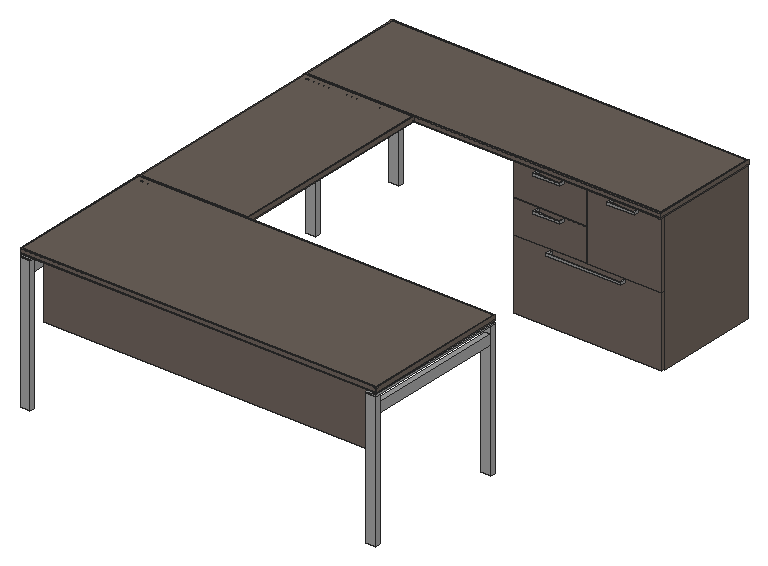
Revit family "T100328", category Furniture, Revit 2015 (continued)
Definition of nested family "STAKS MODESTY PANEL - Veneer & Wood Grain & Frosted"
  Lines and regions (in)
    Masking region 5, visible <- "BRKT L/R"
      outline origin (0, 0, 27.375) x (-1, 0, 0) y (0, -1, 0)
        loop
          line (11.37475, -1.37535) -> (14.12475, -1.37535) -> (14.12475, -0.12535)
          arc (14.12475, -0.12535) -> (14.05153, 0.05143) -> (13.87475, 0.12465) r 0.25
          line (13.87475, 0.12465) -> (11.62475, 0.12465)
          arc (11.62475, 0.12465) -> (11.44797, 0.05143) -> (11.37475, -0.12535) r 0.25
          line (11.37475, -0.12535) -> (11.37475, -1.37535)
    Masking region 6, visible <- "BRKT CNTR"
      outline origin (11, 0, 27.375) x (-1, 0, 0) y (0, -1, 0)
        loop
          line (12.156, -1.37535) -> (14.906, -1.37535) -> (14.906, -0.12535)
          arc (14.906, -0.12535) -> (14.83278, 0.05143) -> (14.656, 0.12465) r 0.25
          line (14.656, 0.12465) -> (12.406, 0.12465)
          arc (12.406, 0.12465) -> (12.22922, 0.05143) -> (12.156, -0.12535) r 0.25
          line (12.156, -0.12535) -> (12.156, -1.37535)
    Masking region 7, visible <- "BRKT L/R"
      outline origin (23.25, 0, 27.375) x (-1, 0, 0) y (0, -1, 0)
        loop
          line (14.18725, -1.37535) -> (16.93725, -1.37535) -> (16.93725, -0.12535)
          arc (16.93725, -0.12535) -> (16.86403, 0.05143) -> (16.68725, 0.12465) r 0.25
          line (16.68725, 0.12465) -> (14.43725, 0.12465)
          arc (14.43725, 0.12465) -> (14.26047, 0.05143) -> (14.18725, -0.12535) r 0.25
          line (14.18725, -0.12535) -> (14.18725, -1.37535)
  Dimensions and locks (in)
    locked: plane 3 "MOUNTING LEVEL" to plane 1 at 27.375
    equal spacing: plane 6, plane 4 "RIGHT", plane 5
    "Width": plane 6 to plane 5
    "Thickness": plane 7 to plane 2 "Back"
    locked: plane 3 "MOUNTING LEVEL" to plane 8 at 0.5
    locked: plane 8 to plane 9 at 11.75
    locked: plane 6 to plane 10 at 3.375
    locked: plane 11 to plane 5 at 3.375
    aligned and locked: level to plane 1
    aligned and locked: Extrusion 1 to plane 6
    aligned and locked: Extrusion 1 to plane 2 "Back"
    aligned and locked: plane 7 to Extrusion 1
    aligned and locked: plane 5 to Extrusion 1
    aligned and locked: Extrusion 2 to plane 6
    aligned and locked: Masking region 2 to plane 6
    aligned and locked: plane 5 to Extrusion 2
    aligned and locked: plane 5 to Masking region 2
    aligned and locked: plane 5 to Extrusion 3
    aligned and locked: plane 5 to Masking region 3
    aligned and locked: Extrusion 3 to plane 6
    aligned and locked: Masking region 3 to plane 6
    aligned and locked: Extrusion 4 to plane 6
    aligned and locked: Masking region 4 to plane 6
    aligned and locked: plane 5 to Extrusion 4
    aligned and locked: plane 5 to Masking region 4
    aligned and locked: Extrusion 2 to plane 2 "Back"
    aligned and locked: Masking region 2 to plane 2 "Back"
    aligned and locked: plane 7 to Extrusion 2
    aligned and locked: plane 7 to Masking region 2
    aligned and locked: Extrusion 3 to plane 2 "Back"
    aligned and locked: Masking region 3 to plane 2 "Back"
    aligned and locked: plane 7 to Extrusion 3
    aligned and locked: plane 7 to Masking region 3
    aligned and locked: Extrusion 4 to plane 2 "Back"
    aligned and locked: Masking region 4 to plane 2 "Back"
    aligned and locked: plane 7 to Extrusion 4
    aligned and locked: plane 7 to Masking region 4
    aligned: plane 8 to Extrusion 4
    aligned: plane 8 to Extrusion 3
    aligned: plane 8 to Extrusion 2
    aligned and locked: plane 8 to Extrusion 1
    aligned and locked: Extrusion 4 to plane 9
    aligned and locked: Extrusion 3 to plane 9
    aligned and locked: Extrusion 2 to plane 9
    aligned and locked: Extrusion 1 to plane 9
    aligned and locked: plane 8 to Extrusion 4
    aligned and locked: plane 8 to Extrusion 3
    aligned and locked: plane 8 to Extrusion 2
    aligned and locked: plane 3 "MOUNTING LEVEL" to nested 1
    aligned and locked: plane 7 to nested 1
    aligned and locked: plane 3 "MOUNTING LEVEL" to nested 2
    aligned and locked: plane 3 "MOUNTING LEVEL" to nested 3
    aligned and locked: nested 2 to plane 10
    aligned and locked: nested 3 to plane 11
    aligned and locked: plane 7 to nested 2
    aligned and locked: plane 7 to nested 3
    aligned and locked: Masking region 6 to nested 1  (x2)
    aligned and locked: Masking region 7 to plane 11
    aligned and locked: Masking region 7 to nested 3
  Automatic sketch dimensions
    Extrusion 1 sketch curve to plane 7 = 0"
    Extrusion 1 sketch curve to plane 2 "Back" = 0"
    Extrusion 1 sketch curve to plane 9 = 0"
    Extrusion 1 sketch curve to plane 8 = 0"
    plane 2 "Back" to Masking region 1 sketch curve = 0"
    Masking region 1 sketch curve to plane 5 = 0"
    Masking region 1 sketch curve to plane 6 = 0"
    plane 7 to Masking region 1 sketch curve = 0"
    Extrusion 2 sketch curve to plane 7 = 0"
    Extrusion 2 sketch curve to plane 2 "Back" = 0"
    Extrusion 2 sketch curve to plane 9 = 0"
    Extrusion 2 sketch curve to plane 8 = 0"
    plane 2 "Back" to Masking region 2 sketch curve = 0"
    Masking region 2 sketch curve to plane 5 = 0"
    Masking region 2 sketch curve to plane 6 = 0"
    plane 7 to Masking region 2 sketch curve = 0"
    Extrusion 3 sketch curve to plane 7 = 0"
    Extrusion 3 sketch curve to plane 2 "Back" = 0"
    Extrusion 3 sketch curve to plane 9 = 0"
    Extrusion 3 sketch curve to plane 8 = 0"
    plane 2 "Back" to Masking region 3 sketch curve = 0"
    Masking region 3 sketch curve to plane 5 = 0"
    Masking region 3 sketch curve to plane 6 = 0"
    plane 7 to Masking region 3 sketch curve = 0"
    Extrusion 4 sketch curve to plane 7 = 0"
    Extrusion 4 sketch curve to plane 2 "Back" = 0"
    Extrusion 4 sketch curve to plane 9 = 0"
    Extrusion 4 sketch curve to plane 8 = 0"
    plane 2 "Back" to Masking region 4 sketch curve = 0"
    Masking region 4 sketch curve to plane 5 = 0"
    Masking region 4 sketch curve to plane 6 = 0"
    plane 7 to Masking region 4 sketch curve = 0"
    plane 7 to Masking region 5 sketch curve = 0"
    Masking region 5 sketch curve to plane 10 = 0"
    plane 10 to Masking region 5 sketch curve = 1/4"
    Masking region 5 sketch curve to Masking region 5 sketch curve = 2 1/4"
    Masking region 5 sketch curve to Masking region 5 sketch curve = 1/4"
    plane 7 to Masking region 5 sketch curve = 1 1/4"
    plane 7 to Masking region 6 sketch curve = 0"
    plane 4 "RIGHT" to Masking region 6 sketch curve = 1 3/8"
    Masking region 6 sketch curve to Masking region 6 sketch curve = 1/4"  (x2)
    Masking region 6 sketch curve to plane 4 "RIGHT" = 1 1/8"
    Masking region 6 sketch curve to Masking region 6 sketch curve = 1 1/4"
    plane 7 to Masking region 7 sketch curve = 0"
    plane 11 to Masking region 7 sketch curve = 0"
    Masking region 7 sketch curve to Masking region 7 sketch curve = 1/4"  (x2)
    Masking region 7 sketch curve to Masking region 7 sketch curve = 2 1/4"
    Masking region 7 sketch curve to Masking region 7 sketch curve = 1 1/4"
  Nested families (in)
    nested 1: "MP BRKT" at (-2.531, 1.37535, 25.375), visible <- "BRKT CNTR", type "6-MPB-1"
    nested 2: "MP BRKT" at (-12.74975, 1.37535, 25.375), visible <- "BRKT L/R", type "6-MPB-1"
    nested 3: "MP BRKT" at (7.68775, 1.37535, 25.375), visible <- "BRKT L/R", type "6-MPB-1"
  Definition of nested family "MP BRKT"
    Reference planes (in)
      plane 1 "Center (Front/Back)": y = 0
      plane 2: z = 0
      plane 3 "Center (Left/Right)": x = 0
    Forms (in)
      Extrusion 1, solid
        sketch origin (-1.375, 0, 0) x (0, 1, 0) y (0, 0, 1)
          loop
            line (0, 0) -> (0, 1.625)
            arc (0, 1.625) -> (-0.10983, 1.89017) -> (-0.375, 2) r 0.375
            line (-0.375, 2) -> (-1.5, 2) -> (-1.5, 1.75) -> (-0.375, 1.75)
            arc (-0.375, 1.75) -> (-0.28661, 1.71339) -> (-0.25, 1.625) r 0.125
            line (-0.25, 1.625) -> (-0.25, 0) -> (0, 0)
        from 0 to 2.75
      Extrusion 2, void
        sketch origin (0, 0, 0) x (1, 0, 0) y (0, 1, 0)
          loop
            line (-1.375, -1.5) -> (-1.125, -1.5)
            arc (-1.125, -1.5) -> (-1.30178, -1.42678) -> (-1.375, -1.25) r 0.25
            line (-1.375, -1.25) -> (-1.375, -1.5)
        from 1.75 to 2
      Extrusion 3, void
        sketch origin (0, 0, 0) x (-1, 0, 0) y (0, -1, 0)
          loop
            line (-1.375, 1.5) -> (-1.375, 1.25)
            arc (-1.375, 1.25) -> (-1.30178, 1.42678) -> (-1.125, 1.5) r 0.25
            line (-1.125, 1.5) -> (-1.375, 1.5)
        from 1.75 to 2
      Extrusion 4, void
        sketch origin (0, -2, 1.5) x (1, 0, 0) y (0, 0, -1)
          loop
            line (-1.375, 1.5) -> (-1.375, 1.25)
            arc (-1.375, 1.25) -> (-1.30178, 1.42678) -> (-1.125, 1.5) r 0.25
            line (-1.125, 1.5) -> (-1.375, 1.5)
        from 1.75 to 2
      Extrusion 5, void
        sketch origin (0, -2, 1.5) x (-1, 0, 0) y (0, 0, 1)
          loop
            line (-1.375, -1.5) -> (-1.125, -1.5)
            arc (-1.125, -1.5) -> (-1.30178, -1.42678) -> (-1.375, -1.25) r 0.25
            line (-1.375, -1.25) -> (-1.375, -1.5)
        from 1.75 to 2
    Cuts and joins
      Extrusion 2, Extrusion 3, Extrusion 4, Extrusion 5 cuts Extrusion 1
    Dimensions and locks (in)
      aligned and locked: Extrusion 1 to Extrusion 2
      aligned and locked: Extrusion 2 to Extrusion 1
Definition of nested family "OFS ELEMENT OPEN L DESK LEFT AND RIGHT 84in Width 60in Return"
  Parameters (values of type "ELEMENT OPEN L DESK RIGHT RETURN 84in Width 60in Return")
    Worksurface Material = none
    Width = 84"
    URL = "http://www.ofsbrands.com/"
    Transaction Shelf Material = none
    Table Supp from Lateral = 2 5/8"
    Table Supp from Center = 11 1/8"
    Table Depth = 13 1/2"
    Right Return Desk Option = no
    Right Desk Ovelay [instance] = and(Right Return Desk Option, Desk Overlay Option)  # no
    Return Worksurface Width = 22"
    Paper Organizer Material = none
    Paper Organizer Depth = 12 3/4"
    Paper Organizer Clearance = 4 5/8"
    Paper Organizer Board Thickness = 3/4"
    Model = "EL-T84RL60C"
    Manufacturer = "OFS"
    Left Return Desk Option = yes
    Left Desk Overlay [instance] = and(Left Return Desk Option, Desk Overlay Option)  # yes
    Lateral Board Thickness = 1 3/16"
    Height = 45"
    Standoffs Material = none
    Groomet Material = none
    Desk Overlay Thickness = 1/8"
    Desk Overlay Option [instance] = yes
    Desk Overlay Material = none
    Desk Overlay = 6 1/2"
    Description = "OFS BRANDS OFS ELEMENT OPEN L DESK RIGHT RETURN 84\" Width, 84\"W x 34.3125\"D DESK, 60\"W x 22\"D RETURN With Paper Organizer"
    Desk Depth = 34 5/16"
    Depth = 94 5/16"
    Copyright © = "© 2018 OFS BRANDS"
    Catalog = "http://ofs.com/products/casegoods/reception/element"
    Bottom Board Offset = 0"
    Chassis Material = none
    Base Depth = 30"
    Back Board Thickness = 1 3/16"
    Authoring Version = "Autodesk Revit Architecture 2013"
    Assembly Code = "E2020200"
  Types (3): name | Model | Left Return Desk Option | Left Desk Overlay | Description
    (no name) | "EL-T84RL60C" | yes | yes | "OFS BRANDS OFS ELEMENT OPEN L DESK RIGHT RETURN 84\" Width, 84\"W x 34.3125\"D DESK, 60\"W x 22\"D RETURN With Paper Organizer"
    ELEMENT OPEN L DESK LEFT RETURN 84in Width 60in Return | "EL-T84LL60C" | no | no | "OFS BRANDS OFS ELEMENT OPEN L DESK LEFT RETURN 84\" Width, 84\"W x 34.3125\"D DESK, 60\"W x 22\"D RETURN With Paper Organizer"
    ELEMENT OPEN L DESK RIGHT RETURN 84in Width 60in Return | "EL-T84RL60C" | yes | yes | "OFS BRANDS OFS ELEMENT OPEN L DESK RIGHT RETURN 84\" Width, 84\"W x 34.3125\"D DESK, 60\"W x 22\"D RETURN With Paper Organizer"
  Reference planes (in)
    plane 1 "Center Front/Back": y = 0
    plane 2: z = 0
    plane 3 "Center Left/Right": x = 0
    plane 4 "Back External": y = 17.15625
    plane 5 "Right External": x = 42
    plane 6 "Front External": y = -17.15625
    plane 7 "Left External": x = -42
    plane 8 "Seat Height": z = 29.5
    plane 9 "Height": z = 45
    plane 10: x = 40.8125
    plane 11: x = -40.8125
    plane 12: y = 12.84375
    plane 13: y = 11.65625
    plane 14: y = 3.65625
    plane 15: z = 40.5
    plane 16: z = 28.5
    plane 17: z = 43.875
    plane 18: z = 39.375
    plane 19: z = 0
    plane 20: x = 39.375
    plane 21: x = 2.625
    plane 22: x = 35.5
    plane 23: z = 6.5
    plane 24: z = 34
    plane 25: y = 12.96875
    plane 26: y = -77.15625
    plane 27: x = -20
    plane 28: x = 20
    plane 29: y = -75.96875
    plane 30: x = -37
    plane 31: x = 37
    plane 32: y = -47.15625
    plane 33: x = 6.5
    plane 34: y = -18.34375
    plane 35: y = -75.21875
    plane 36: x = -40.0625
    plane 37: y = -19.09375
    plane 38: x = -28.0625
    plane 39: z = 34.125
    plane 40: z = 39.75
    plane 41: z = 34.875
    plane 42: y = -61.5625
    plane 43: y = -32.75
    plane 44: x = -28.8125
    plane 45: x = 20
    plane 46: x = 37
    plane 47: y = -19.09375
    plane 48: x = 28.0625
    plane 49: y = -61.5625
    plane 50: y = -32.75
    plane 51: x = 28.8125
    plane 52: x = -39.375
    plane 53: x = -2.625
    plane 54: x = -35.5
    plane 55: x = -6.5
  Forms (in)
    Extrusion 1, solid, material <- "Chassis Material", visible <- "Left Return Desk Option"
      sketch origin (0, 0, 0) x (1, 0, 0) y (0, 1, 0)
        loop
          line (42, 12.84375) -> (0, 12.84375) -> (0, 11.65625) -> (40.8125, 11.65625) -> (40.8125, -17.15625) -> (42, -17.15625) -> (42, 12.84375)
      from 0 to 40.5
    Extrusion 2, solid, material <- "Chassis Material", visible <- "Left Return Desk Option"
      sketch origin (0, 0, 6) x (1, 0, 0) y (0, 1, 0)
        loop
          line (0, 11.65625) -> (0, 3.65625) -> (40.8125, 3.65625) -> (40.8125, 11.65625) -> (0, 11.65625)
      from 33.375 to 34.5
    Extrusion 3, solid, material <- "Transaction Shelf Material", visible <- "Left Return Desk Option"
      sketch origin (0, 0, 6) x (1, 0, 0) y (0, 1, 0)
        loop
          line (0, 17.15625) -> (0, 3.65625) -> (42, 3.65625) -> (42, 17.15625) -> (0, 17.15625)
      from 37.875 to 39
    Extrusion 4, solid, material <- "Standoffs Material", visible <- "Left Return Desk Option"
      sketch origin (44.5, 0, 0) x (1, 0, 0) y (0, 1, 0)
        loop
          circle (-41.875, 10.04085) r 0.625
      from 40.5 to 43.875
    Extrusion 5, solid, material <- "Standoffs Material", visible <- "Left Return Desk Option"
      sketch origin (44.5, -4.75, 0) x (1, 0, 0) y (0, 1, 0)
        loop
          circle (-41.875, 10.04085) r 0.625
      from 40.5 to 43.875
    Extrusion 6, solid, material <- "Standoffs Material", visible <- "Left Return Desk Option"
      sketch origin (66.75, 0, 0) x (1, 0, 0) y (0, 1, 0)
        loop
          circle (-27.375, 10.04085) r 0.625
      from 40.5 to 43.875
    Extrusion 7, solid, material <- "Standoffs Material", visible <- "Left Return Desk Option"
      sketch origin (66.75, -4.75, 0) x (1, 0, 0) y (0, 1, 0)
        loop
          circle (-27.375, 10.04085) r 0.625
      from 40.5 to 43.875
    Extrusion 8, solid, material <- "Chassis Material", visible <- "Left Return Desk Option"
      sketch origin (0, 0, 0) x (1, 0, 0) y (0, 1, 0)
        loop
          line (-42, -17.15625) -> (-42, -77.15625) -> (-20, -77.15625) -> (-20, -75.96875) -> (-40.8125, -75.96875) -> (-40.8125, -18.34375) -> (-20, -18.34375) -> (-20, -17.15625) -> (-42, -17.15625)
      from 0 to 40.5
    Extrusion 9, solid, material <- "Worksurface Material", visible <- "Left Return Desk Option"
      sketch origin (14.83926, -32.43958, 0) x (1, 0, 0) y (0, 1, 0)
        loop
          line (-55.65176, 14.09583) -> (-55.65176, -43.52917) -> (-34.83926, -43.52917) -> (-34.83926, 14.09583) -> (-55.65176, 14.09583)
      from 28.5 to 29.5
    Extrusion 10, solid, material <- "Desk Overlay Material", visible <- "Left Desk Overlay"
      sketch origin (0, 0, 0) x (1, 0, 0) y (0, 0, 1)
        loop
          line (35.5, 34) -> (6.5, 34) -> (6.5, 6.5) -> (35.5, 6.5) -> (35.5, 34)
      from -12.96875 to -12.84375
    Extrusion 11, solid, material <- "Chassis Material", visible <- "Left Return Desk Option"
      sketch origin (-18.5848, -3.95032, 0) x (1, 0, 0) y (0, 1, 0)
        loop
          line (19.7723, 15.60657) -> (18.5848, 15.60657) -> (18.5848, 3.95032) -> (19.7723, 3.95032) -> (19.7723, 15.60657)
      from 0 to 28.5
    Extrusion 12, solid, material <- "Paper Organizer Material", visible <- "Left Return Desk Option"
      sketch origin (0, 0, 0) x (1, 0, 0) y (0, 1, 0)
        loop
          line (-28.0625, -19.09375) -> (-28.0625, -18.34375) -> (-40.8125, -18.34375) -> (-40.8125, -75.96875) -> (-28.0625, -75.96875) -> (-28.0625, -75.21875) -> (-40.0625, -75.21875) -> (-40.0625, -19.09375) -> (-28.0625, -19.09375)
      from 34.125 to 40.5
    Extrusion 13, solid, material <- "Paper Organizer Material", visible <- "Left Return Desk Option"
      sketch origin (0, 0, 0) x (1, 0, 0) y (0, 1, 0)
        loop
          line (-40.8125, -18.34375) -> (-40.8125, -75.96875) -> (-28.0625, -75.96875) -> (-28.0625, -18.34375) -> (-40.8125, -18.34375)
      from 39.75 to 40.5
    Extrusion 14, solid, material <- "Paper Organizer Material", visible <- "Left Return Desk Option"
      sketch origin (0, 0, 0) x (1, 0, 0) y (0, 1, 0)
        loop
          line (-40.8125, -18.34375) -> (-40.8125, -75.96875) -> (-28.0625, -75.96875) -> (-28.0625, -18.34375) -> (-40.8125, -18.34375)
      from 34.125 to 34.875
    Extrusion 15, solid, material <- "Paper Organizer Material", visible <- "Left Return Desk Option"
      sketch origin (0, 0, 0) x (1, 0, 0) y (0, 1, 0)
        loop
          line (-40.0625, -32.625) -> (-40.0625, -32.875) -> (-28.8125, -32.875) -> (-28.8125, -32.625) -> (-40.0625, -32.625)
      from 34.875 to 39.75
    Extrusion 16, solid, material <- "Paper Organizer Material", visible <- "Left Return Desk Option"
      sketch origin (0, -11.40625, 0) x (1, 0, 0) y (0, 1, 0)
        loop
          line (-40.0625, -35.625) -> (-40.0625, -35.875) -> (-28.8125, -35.875) -> (-28.8125, -35.625) -> (-40.0625, -35.625)
      from 34.875 to 39.75
    Extrusion 17, solid, material <- "Paper Organizer Material", visible <- "Left Return Desk Option"
      sketch origin (0, -22.8125, 0) x (1, 0, 0) y (0, 1, 0)
        loop
          line (-40.0625, -38.625) -> (-40.0625, -38.875) -> (-28.8125, -38.875) -> (-28.8125, -38.625) -> (-40.0625, -38.625)
      from 34.875 to 39.75
    Extrusion 18, solid, material <- "Chassis Material", visible <- "Right Return Desk Option"
      sketch origin (0, 0, 0) x (-1, 0, 0) y (0, -1, 0)
        loop
          line (-42, 17.15625) -> (-20, 17.15625) -> (-20, 18.34375) -> (-40.8125, 18.34375) -> (-40.8125, 75.96875) -> (-20, 75.96875) -> (-20, 77.15625) -> (-42, 77.15625) -> (-42, 17.15625)
      from 0 to 40.5
    Extrusion 19, solid, material <- "Worksurface Material", visible <- "Right Return Desk Option"
      sketch origin (-14.83926, -32.43958, 0) x (-1, 0, 0) y (0, -1, 0)
        loop
          line (-55.65176, -14.09583) -> (-34.83926, -14.09583) -> (-34.83926, 43.52917) -> (-55.65176, 43.52917) -> (-55.65176, -14.09583)
      from 28.5 to 29.5
    Extrusion 20, solid, material <- "Paper Organizer Material", visible <- "Right Return Desk Option"
      sketch origin (0, 0, 0) x (-1, 0, 0) y (0, -1, 0)
        loop
          line (-28.0625, 19.09375) -> (-40.0625, 19.09375) -> (-40.0625, 75.21875) -> (-28.0625, 75.21875) -> (-28.0625, 75.96875) -> (-40.8125, 75.96875) -> (-40.8125, 18.34375) -> (-28.0625, 18.34375) -> (-28.0625, 19.09375)
      from 34.125 to 40.5
    Extrusion 21, solid, material <- "Paper Organizer Material", visible <- "Right Return Desk Option"
      sketch origin (0, 0, 0) x (-1, 0, 0) y (0, -1, 0)
        loop
          line (-40.8125, 18.34375) -> (-28.0625, 18.34375) -> (-28.0625, 75.96875) -> (-40.8125, 75.96875) -> (-40.8125, 18.34375)
      from 39.75 to 40.5
    Extrusion 22, solid, material <- "Paper Organizer Material", visible <- "Right Return Desk Option"
      sketch origin (0, 0, 0) x (-1, 0, 0) y (0, -1, 0)
        loop
          line (-40.8125, 18.34375) -> (-28.0625, 18.34375) -> (-28.0625, 75.96875) -> (-40.8125, 75.96875) -> (-40.8125, 18.34375)
      from 34.125 to 34.875
    Extrusion 23, solid, material <- "Paper Organizer Material", visible <- "Right Return Desk Option"
      sketch origin (0, 0, 0) x (-1, 0, 0) y (0, -1, 0)
        loop
          line (-40.0625, 32.625) -> (-28.8125, 32.625) -> (-28.8125, 32.875) -> (-40.0625, 32.875) -> (-40.0625, 32.625)
      from 34.875 to 39.75
    Extrusion 24, solid, material <- "Paper Organizer Material", visible <- "Right Return Desk Option"
      sketch origin (0, -11.40625, 0) x (-1, 0, 0) y (0, -1, 0)
        loop
          line (-40.0625, 35.625) -> (-28.8125, 35.625) -> (-28.8125, 35.875) -> (-40.0625, 35.875) -> (-40.0625, 35.625)
      from 34.875 to 39.75
    Extrusion 25, solid, material <- "Paper Organizer Material", visible <- "Right Return Desk Option"
      sketch origin (0, -22.8125, 0) x (-1, 0, 0) y (0, -1, 0)
        loop
          line (-40.0625, 38.625) -> (-28.8125, 38.625) -> (-28.8125, 38.875) -> (-40.0625, 38.875) -> (-40.0625, 38.625)
      from 34.875 to 39.75
    Extrusion 26, solid, material <- "Worksurface Material", visible <- "Right Return Desk Option"
      sketch origin (0, 0, 0) x (-1, 0, 0) y (0, -1, 0)
        loop
          line (-36, -11.65625) -> (40.8125, -11.65625) -> (40.8125, 17.15625) -> (-42, 17.15625) -> (-42, -5.65625)
          arc (-42, -5.65625) -> (-40.24264, -9.89889) -> (-36, -11.65625) r 6
      from 28.5 to 29.5
    Extrusion 27, solid, material <- "Chassis Material", visible <- "Right Return Desk Option"
      sketch origin (0, 0, 0) x (-1, 0, 0) y (0, -1, 0)
        loop
          line (42, -12.84375) -> (42, 17.15625) -> (40.8125, 17.15625) -> (40.8125, -11.65625) -> (0, -11.65625) -> (0, -12.84375) -> (42, -12.84375)
      from 0 to 40.5
    Extrusion 28, solid, material <- "Transaction Shelf Material", visible <- "Right Return Desk Option"
      sketch origin (0, 0, 6) x (-1, 0, 0) y (0, -1, 0)
        loop
          line (0, -17.15625) -> (42, -17.15625) -> (42, -3.65625) -> (0, -3.65625) -> (0, -17.15625)
      from 37.875 to 39
    Extrusion 29, solid, material <- "Standoffs Material", visible <- "Right Return Desk Option"
      sketch origin (-44.5, 0, 0) x (-1, 0, 0) y (0, -1, 0)
        loop
          circle (-41.875, -10.04085) r 0.625
      from 40.5 to 43.875
    Extrusion 30, solid, material <- "Standoffs Material", visible <- "Right Return Desk Option"
      sketch origin (-44.5, -4.75, 0) x (-1, 0, 0) y (0, -1, 0)
        loop
          circle (-41.875, -10.04085) r 0.625
      from 40.5 to 43.875
    Extrusion 31, solid, material <- "Standoffs Material", visible <- "Right Return Desk Option"
      sketch origin (-66.75, 0, 0) x (-1, 0, 0) y (0, -1, 0)
        loop
          circle (-27.375, -10.04085) r 0.625
      from 40.5 to 43.875
    Extrusion 32, solid, material <- "Standoffs Material", visible <- "Right Return Desk Option"
      sketch origin (-66.75, -4.75, 0) x (-1, 0, 0) y (0, -1, 0)
        loop
          circle (-27.375, -10.04085) r 0.625
      from 40.5 to 43.875
    Extrusion 33, solid, material <- "Chassis Material", visible <- "Right Return Desk Option"
      sketch origin (18.5848, -3.95032, 0) x (-1, 0, 0) y (0, -1, 0)
        loop
          line (19.7723, -15.60657) -> (19.7723, -3.95032) -> (18.5848, -3.95032) -> (18.5848, -15.60657) -> (19.7723, -15.60657)
      from 0 to 28.5
    Extrusion 34, solid, material <- "Chassis Material", visible <- "Right Return Desk Option"
      sketch origin (0, 0, 6) x (-1, 0, 0) y (0, -1, 0)
        loop
          line (0, -11.65625) -> (40.8125, -11.65625) -> (40.8125, -3.65625) -> (0, -3.65625) -> (0, -11.65625)
      from 33.375 to 34.5
    Extrusion 35, solid, material <- "Desk Overlay Material", visible <- "Right Desk Ovelay"
      sketch origin (0, 0, 0) x (-1, 0, 0) y (0, 0, -1)
        loop
          line (35.5, -34) -> (35.5, -6.5) -> (6.5, -6.5) -> (6.5, -34) -> (35.5, -34)
      from -12.96875 to -12.84375
    Extrusion 36, solid, material <- "Worksurface Material", visible <- "Left Return Desk Option"
      sketch origin (0, 0, 0) x (1, 0, 0) y (0, 1, 0)
        loop
          arc (-36, 11.65625) -> (-40.24264, 9.89889) -> (-42, 5.65625) r 6
          line (-42, 5.65625) -> (-42, -17.15625) -> (40.8125, -17.15625) -> (40.8125, 11.65625) -> (-36, 11.65625)
      from 28.5 to 29.5
  Cuts and joins
    joined: Extrusion 12, Extrusion 13, Extrusion 14
    joined: Extrusion 20, Extrusion 21, Extrusion 22
  Dimensions and locks (in)
    equal spacing: plane 7 "Left External", plane 3 "Center Left/Right", plane 5 "Right External"
    "Width": plane 7 "Left External" to plane 5 "Right External"
    equal spacing: plane 6 "Front External", plane 1 "Center Front/Back", plane 4 "Back External"
    "Desk Depth": plane 4 "Back External" to plane 6 "Front External"
    plane 8 "Seat Height" to level = 29 1/2"
    "Height": plane 9 "Height" to level
    "Lateral Board Thickness": plane 7 "Left External" to plane 11
    "Lateral Board Thickness": plane 10 to plane 5 "Right External"
    "Base Depth": plane 12 to plane 6 "Front External"
    "Back Board Thickness": plane 12 to plane 13
    "Table Depth": plane 4 "Back External" to plane 14
    plane 15 to level = 40 1/2"
    "Bottom Board Offset": plane 19 to level
    "Table Supp from Lateral": plane 5 "Right External" to plane 20
    "Table Supp from Lateral": plane 21 to plane 3 "Center Left/Right"
    "Desk Overlay": plane 5 "Right External" to plane 22
    "Desk Overlay": plane 24 to plane 15
    "Desk Overlay": plane 19 to plane 23
    "Desk Overlay Thickness": plane 25 to plane 12
    "Depth": plane 4 "Back External" to plane 26
    "Return Worksurface Width": plane 7 "Left External" to plane 27
    "Return Worksurface Width": plane 28 to plane 5 "Right External"
    "Back Board Thickness": plane 29 to plane 26
    plane 7 "Left External" to plane 30 = 5"
    plane 31 to plane 5 "Right External" = 5"
    equal spacing: plane 34, plane 43, plane 32, plane 42, plane 29
    "Desk Overlay": plane 33 to plane 3 "Center Left/Right"
    "Back Board Thickness": plane 6 "Front External" to plane 34
    "Paper Organizer Board Thickness": plane 34 to plane 37
    "Paper Organizer Board Thickness": plane 11 to plane 36
    "Paper Organizer Board Thickness": plane 35 to plane 29
    "Paper Organizer Depth": plane 11 to plane 38
    "Paper Organizer Clearance": plane 39 to plane 8 "Seat Height"
    "Paper Organizer Board Thickness": plane 15 to plane 40
    "Paper Organizer Board Thickness": plane 41 to plane 39
    "Paper Organizer Board Thickness": plane 44 to plane 38
    "Return Worksurface Width": plane 5 "Right External" to plane 45
    plane 29 to plane 26 = 1 3/16"
    plane 5 "Right External" to plane 46 = 5"
    plane 34 to plane 50 to plane 32 to plane 49 to plane 29 = 14 13/32", 14 13/32", 14 13/32", 14 13/32"
    "Paper Organizer Board Thickness": plane 34 to plane 47
    plane 35 to plane 29 = 3/4"
    "Paper Organizer Depth": plane 10 to plane 48
    "Paper Organizer Board Thickness": plane 51 to plane 48
    "Table Supp from Lateral": plane 53 to plane 3 "Center Left/Right"
    "Table Supp from Lateral": plane 7 "Left External" to plane 52
    locked: plane 7 "Left External" to plane 54 at 6.5
    aligned and locked: level to plane 2
    aligned and locked: Extrusion 1 sketch curve to plane 12
    aligned and locked: plane 5 "Right External" to Extrusion 1 sketch curve
    aligned and locked: Extrusion 1 sketch curve to plane 13
    aligned and locked: Extrusion 1 to plane 19
    aligned and locked: Extrusion 2 to plane 18
    aligned and locked: plane 10 to Extrusion 2
    aligned and locked: Extrusion 2 to plane 13
    aligned and locked: Extrusion 2 to plane 14
    aligned and locked: Extrusion 3 to plane 14
    aligned and locked: Extrusion 3 to plane 4 "Back External"
    aligned and locked: Extrusion 3 to plane 9 "Height"
    aligned and locked: Extrusion 3 to plane 17
    aligned and locked: plane 5 "Right External" to Extrusion 3
    aligned and locked: Extrusion 8 sketch curve to plane 29
    aligned and locked: plane 27 to Extrusion 8 sketch curve
    aligned and locked: plane 26 to Extrusion 8 sketch curve
    aligned and locked: Extrusion 8 sketch curve to plane 6 "Front External"
    aligned and locked: plane 11 to Extrusion 9
    aligned and locked: Extrusion 9 to plane 27
    aligned and locked: Extrusion 9 to plane 29
    aligned and locked: Extrusion 8 to plane 19
    aligned and locked: plane 15 to Extrusion 8
    aligned and locked: Extrusion 3 to plane 3 "Center Left/Right"
    aligned and locked: Extrusion 2 to plane 3 "Center Left/Right"
    aligned and locked: Extrusion 10 to plane 33
    aligned and locked: Extrusion 10 to plane 22
    aligned and locked: Extrusion 8 sketch curve to plane 34
    aligned and locked: Extrusion 9 to Extrusion 8 sketch curve
    aligned and locked: Extrusion 9 to Extrusion 8
    aligned and locked: plane 37 to Extrusion 12 sketch curve
    aligned and locked: plane 36 to Extrusion 12 sketch curve
    aligned and locked: Extrusion 12 sketch curve to plane 35
    aligned and locked: Extrusion 12 sketch curve to Extrusion 8  (x3)
    aligned and locked: plane 38 to Extrusion 12 sketch curve  (x2)
    aligned and locked: plane 15 to Extrusion 12
    aligned and locked: Extrusion 12 to plane 39
    aligned and locked: Extrusion 13 sketch curve to Extrusion 8  (x2)
    aligned and locked: Extrusion 13 sketch curve to Extrusion 12  (x2)
    aligned and locked: Extrusion 13 to plane 40
    aligned and locked: plane 15 to Extrusion 13
    aligned and locked: Extrusion 14 sketch curve to Extrusion 8  (x2)
    aligned and locked: plane 29 to Extrusion 14 sketch curve
    aligned and locked: Extrusion 14 sketch curve to plane 38
    aligned and locked: Extrusion 14 to plane 39
    aligned and locked: plane 41 to Extrusion 14
    aligned and locked: Extrusion 15 to plane 41
    aligned and locked: Extrusion 16 to plane 41
    aligned and locked: Extrusion 17 to plane 41
    aligned and locked: plane 40 to Extrusion 15
    aligned and locked: plane 40 to Extrusion 16
    aligned and locked: plane 40 to Extrusion 17
    aligned and locked: plane 29 to Extrusion 18 sketch curve
    aligned and locked: plane 45 to Extrusion 18 sketch curve
    aligned and locked: Extrusion 18 sketch curve to plane 26
    aligned and locked: plane 45 to Extrusion 19
    aligned and locked: plane 29 to Extrusion 19
    aligned and locked: Extrusion 18 sketch curve to plane 34
    aligned and locked: Extrusion 19 to Extrusion 18 sketch curve
    aligned and locked: Extrusion 18 to Extrusion 19
    aligned and locked: Extrusion 20 sketch curve to plane 47
    aligned and locked: plane 35 to Extrusion 20 sketch curve
    aligned and locked: Extrusion 18 to Extrusion 20 sketch curve
    aligned and locked: Extrusion 20 sketch curve to Extrusion 18  (x2)
    aligned and locked: Extrusion 20 sketch curve to plane 48
    aligned and locked: plane 48 to Extrusion 20 sketch curve
    aligned and locked: Extrusion 21 sketch curve to Extrusion 18  (x2)
    aligned and locked: Extrusion 21 sketch curve to Extrusion 20  (x2)
    aligned and locked: Extrusion 22 sketch curve to Extrusion 18  (x2)
    aligned and locked: Extrusion 22 sketch curve to plane 29
    aligned and locked: plane 48 to Extrusion 22 sketch curve
    aligned and locked: Extrusion 26 to Extrusion 27 sketch curve
    aligned and locked: Extrusion 27 sketch curve to Extrusion 26
    aligned and locked: Extrusion 26 to Extrusion 33
    aligned and locked: plane 55 to Extrusion 35
    aligned and locked: plane 54 to Extrusion 35
  Automatic sketch dimensions
    Extrusion 1 sketch curve to plane 3 "Center Left/Right" = 0"
    plane 6 "Front External" to Extrusion 1 sketch curve = 0"
    Extrusion 1 sketch curve to plane 10 = 0"
    Extrusion 2 sketch curve to plane 3 "Center Left/Right" = 0"
    Extrusion 2 sketch curve to plane 10 = 0"
    Extrusion 2 sketch curve to plane 14 = 0"
    Extrusion 2 sketch curve to plane 13 = 0"
    Extrusion 3 sketch curve to plane 3 "Center Left/Right" = 0"
    Extrusion 3 sketch curve to plane 5 "Right External" = 0"
    Extrusion 3 sketch curve to plane 14 = 0"
    Extrusion 3 sketch curve to plane 4 "Back External" = 0"
    Extrusion 4 sketch curve to plane 21 = 0"
    Extrusion 4 sketch curve to plane 13 = 1.6154"
    Extrusion 5 sketch curve to plane 21 = 0"
    plane 14 to Extrusion 5 sketch curve = 1.6346"
    Extrusion 6 sketch curve to plane 20 = 0"
    Extrusion 6 sketch curve to plane 13 = 1.6154"
    Extrusion 7 sketch curve to plane 20 = 0"
    plane 14 to Extrusion 7 sketch curve = 1.6346"
    Extrusion 8 sketch curve to plane 7 "Left External" = 0"
    Extrusion 8 sketch curve to plane 11 = 0"
    Extrusion 9 sketch curve to plane 11 = 0"
    Extrusion 9 sketch curve to plane 27 = 0"
    Extrusion 9 sketch curve to plane 29 = 0"
    Extrusion 9 sketch curve to plane 34 = 0"
    Extrusion 10 sketch curve to plane 24 = 0"
    Extrusion 10 sketch curve to plane 33 = 0"
    plane 22 to Extrusion 10 sketch curve = 0"
    Extrusion 10 sketch curve to plane 23 = 0"
    Extrusion 11 sketch curve to plane 3 "Center Left/Right" = 0"
    plane 1 "Center Front/Back" to Extrusion 11 sketch curve = 0"
    Extrusion 11 sketch curve to plane 13 = 0"
    Extrusion 11 sketch curve to Extrusion 11 sketch curve = 1 3/16"
    Extrusion 12 sketch curve to plane 37 = 0"
    Extrusion 15 sketch curve to plane 36 = 0"
    Extrusion 15 sketch curve to plane 44 = 0"
    Extrusion 15 sketch curve to plane 43 = 1/8"
    plane 43 to Extrusion 15 sketch curve = 1/8"
    Extrusion 16 sketch curve to plane 36 = 0"
    Extrusion 16 sketch curve to plane 44 = 0"
    Extrusion 16 sketch curve to plane 32 = 1/8"
    plane 32 to Extrusion 16 sketch curve = 1/8"
    Extrusion 17 sketch curve to plane 36 = 0"
    Extrusion 17 sketch curve to plane 44 = 0"
    Extrusion 17 sketch curve to plane 42 = 1/8"
    plane 42 to Extrusion 17 sketch curve = 1/8"
    Extrusion 18 sketch curve to plane 5 "Right External" = 0"
    Extrusion 18 sketch curve to plane 10 = 0"
    Extrusion 18 sketch curve to plane 6 "Front External" = 0"
    Extrusion 19 sketch curve to plane 10 = 0"
    Extrusion 19 sketch curve to plane 28 = 0"
    Extrusion 19 sketch curve to plane 29 = 0"
    plane 34 to Extrusion 19 sketch curve = 0"
    plane 37 to Extrusion 20 sketch curve = 0"
    plane 20 to Extrusion 20 sketch curve = 11/16"
    Extrusion 23 sketch curve to plane 51 = 0"
    plane 43 to Extrusion 23 sketch curve = 1/8"
    Extrusion 23 sketch curve to plane 43 = 1/8"
    plane 20 to Extrusion 23 sketch curve = 11/16"
    Extrusion 24 sketch curve to plane 51 = 0"
    plane 32 to Extrusion 24 sketch curve = 1/8"
    Extrusion 24 sketch curve to plane 32 = 1/8"
    plane 20 to Extrusion 24 sketch curve = 11/16"
    Extrusion 25 sketch curve to plane 51 = 0"
    plane 42 to Extrusion 25 sketch curve = 1/8"
    Extrusion 25 sketch curve to plane 42 = 1/8"
    plane 20 to Extrusion 25 sketch curve = 11/16"
    Extrusion 26 sketch curve to plane 5 "Right External" = 0"
    Extrusion 26 sketch curve to plane 13 = 0"
    Extrusion 26 sketch curve to plane 11 = 0"
    Extrusion 26 sketch curve to plane 6 "Front External" = 0"
    plane 22 to Extrusion 26 sketch curve = 1/2"
    Extrusion 27 sketch curve to plane 3 "Center Left/Right" = 0"
    Extrusion 27 sketch curve to plane 7 "Left External" = 0"
    Extrusion 27 sketch curve to plane 13 = 0"
    Extrusion 27 sketch curve to plane 12 = 0"
    Extrusion 28 sketch curve to plane 3 "Center Left/Right" = 0"
    Extrusion 28 sketch curve to plane 7 "Left External" = 0"
    Extrusion 28 sketch curve to plane 4 "Back External" = 0"
    Extrusion 28 sketch curve to plane 14 = 0"
    Extrusion 29 sketch curve to plane 53 = 0"
    plane 13 to Extrusion 29 sketch curve = 1.6154"
    Extrusion 30 sketch curve to plane 53 = 0"
    Extrusion 30 sketch curve to plane 14 = 1.6346"
    Extrusion 31 sketch curve to plane 52 = 0"
    plane 13 to Extrusion 31 sketch curve = 1.6154"
    Extrusion 32 sketch curve to plane 52 = 0"
    Extrusion 32 sketch curve to plane 14 = 1.6346"
    Extrusion 33 sketch curve to plane 3 "Center Left/Right" = 0"
    plane 1 "Center Front/Back" to Extrusion 33 sketch curve = 0"
    Extrusion 33 sketch curve to plane 13 = 0"
    Extrusion 33 sketch curve to Extrusion 33 sketch curve = 1 3/16"
    Extrusion 34 sketch curve to plane 3 "Center Left/Right" = 0"
    Extrusion 34 sketch curve to plane 11 = 0"
    Extrusion 34 sketch curve to plane 13 = 0"
    Extrusion 34 sketch curve to plane 14 = 0"
    Extrusion 35 sketch curve to plane 24 = 0"
    plane 55 to Extrusion 35 sketch curve = 0"
    Extrusion 35 sketch curve to plane 23 = 0"
    plane 54 to Extrusion 35 sketch curve = 0"
    Extrusion 36 sketch curve to plane 7 "Left External" = 0"
    Extrusion 36 sketch curve to plane 13 = 0"
    Extrusion 36 sketch curve to plane 10 = 0"
    plane 6 "Front External" to Extrusion 36 sketch curve = 0"
    Extrusion 36 sketch curve to plane 54 = 1/2"
    radius of Extrusion 4 sketch curve = 5/8"
    radius of Extrusion 5 sketch curve = 5/8"
    radius of Extrusion 6 sketch curve = 5/8"
    radius of Extrusion 7 sketch curve = 5/8"
    radius of Extrusion 29 sketch curve = 5/8"
    radius of Extrusion 30 sketch curve = 5/8"
    radius of Extrusion 31 sketch curve = 5/8"
    radius of Extrusion 32 sketch curve = 5/8"
Types (3): name | Description
  (no name) | "OFS TYPICAL T100328"
  T100 | "OFS TYPICAL T100"
  T100328 | "OFS TYPICAL T100328"
